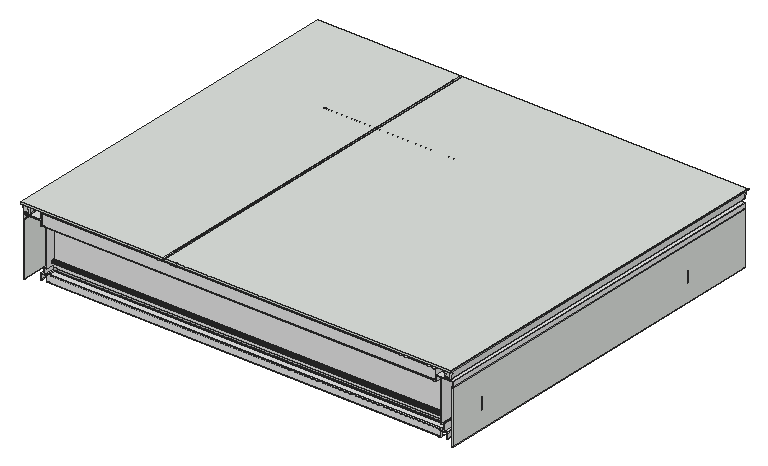
Revit family "Furniture-Mirror_Cabinet-KOHLER-K-56004K_1", category Casework, host Face, Revit 2022 (continued)
Definition of nested family "K-56004K"
  Cuts and joins
    Extrusion 2, Extrusion 17 cuts Extrusion 1
    joined: Sweep 6, Sweep 7, Extrusion 16
    joined: Sweep 23, Extrusion 24, Extrusion 25
    joined: Sweep 20, Extrusion 21, Extrusion 22
    joined: Extrusion 26, Extrusion 28
    Extrusion 2 cuts Extrusion 29
  Lines and regions (in)
    Masking region 1
      outline origin (0, 0, 0) x (1, 0, 0) y (0, 1, 0)
        loop
          line (15.01437, 12.99213) -> (-4.93563, 12.99213) -> (-4.96063, 12.96713) -> (-4.96063, 12.73622) -> (-5.03937, 12.73622) -> (-5.03937, 12.96713) -> (-5.06437, 12.99213) -> (-15.01437, 12.99213) -> (-15.03937, 12.96713) -> (-15.03937, -12.96713) -> (-15.01437, -12.99213) -> (-5.06437, -12.99213) -> (-5.03937, -12.96713) -> (-5.03937, -12.73622) -> (-4.96063, -12.73622) -> (-4.96063, -12.96713) -> (-4.93563, -12.99213) -> (15.01437, -12.99213) -> (15.03937, -12.96713) -> (15.03937, 12.96713) -> (15.01437, 12.99213)
    Masking region 2, visible <- "Surface Mount"
      outline origin (0, 0, 0) x (1, 0, 0) y (0, 0, 1)
        loop
          line (15.01969, 0.05424) -> (15.01969, 3.70915) -> (14.99674, 3.73209) -> (14.92452, 3.73209) -> (14.90157, 3.70915) -> (14.90157, 3.25965) -> (14.8376, 3.25965) -> (14.8376, 2.59045) -> (13.82894, 2.59045) -> (13.82894, 1.17271) -> (14.83838, 1.17271) -> (14.83838, 0.50096) -> (14.88344, 0.50096) -> (14.88344, 0.62093) -> (14.90157, 0.58952) -> (14.90157, 0.05424) -> (14.92452, 0.0313) -> (14.99674, 0.0313) -> (15.01969, 0.05424)
    Masking region 3, visible <- "Surface Mount"
      outline origin (0, 0, 0) x (-1, 0, 0) y (0, 0, -1)
        loop
          line (15.01969, -0.05424) -> (14.99674, -0.0313) -> (14.92452, -0.0313) -> (14.90157, -0.05424) -> (14.90157, -0.58952) -> (14.88344, -0.62093) -> (14.88344, -0.50096) -> (14.83838, -0.50096) -> (14.83838, -1.17271) -> (13.82894, -1.17271) -> (13.82894, -2.59045) -> (14.8376, -2.59045) -> (14.8376, -3.25965) -> (14.90157, -3.25965) -> (14.90157, -3.70915) -> (14.92452, -3.73209) -> (14.99674, -3.73209) -> (15.01969, -3.70915) -> (15.01969, -0.05424)
    Masking region 4
      outline origin (0, 0, 0) x (1, 0, 0) y (0, 0, 1)
        loop
          line (13.76969, 0) -> (13.76969, 0.27008) -> (14.10886, 0.27008) -> (14.13386, 0.29508) -> (14.13386, 0.36319) -> (14.10886, 0.38819) -> (13.76969, 0.38819) -> (13.80402, 0.4) -> (14.15623, 0.4)
          arc (14.15623, 0.4) -> (14.17015, 0.39423) -> (14.17592, 0.38031) r 0.01969
          line (14.17592, 0.38031) -> (14.17592, 0.02165)
          arc (14.17592, 0.02165) -> (14.19757, 0) -> (14.21922, 0.02165) r 0.02165
          line (14.21922, 0.02165) -> (14.21922, 0.42362)
          arc (14.21922, 0.42362) -> (14.21346, 0.43754) -> (14.19954, 0.44331) r 0.01969
          line (14.19954, 0.44331) -> (14.00394, 0.44331)
          arc (14.00394, 0.44331) -> (13.99002, 0.44907) -> (13.98425, 0.46299) r 0.01969
          line (13.98425, 0.46299) -> (13.98425, 0.86844)
          arc (13.98425, 0.86844) -> (13.97847, 0.88241) -> (13.96451, 0.88819) r 0.01975
          line (13.96451, 0.88819) -> (13.84055, 0.88819)
          arc (13.84055, 0.88819) -> (13.82663, 0.89395) -> (13.82087, 0.90787) r 0.01969
          line (13.82087, 0.90787) -> (13.82087, 1.33051) -> (13.82894, 1.36065) -> (13.82894, 1.49722) -> (13.82087, 1.52736) -> (13.82087, 2.23602) -> (13.82894, 2.26616) -> (13.82894, 2.40274) -> (13.82087, 2.43287) -> (13.82087, 4.05886) -> (14.94783, 4.05886)
          arc (14.94783, 4.05886) -> (14.96245, 4.0528) -> (14.9685, 4.03818) r 0.02068
          line (14.9685, 4.03818) -> (14.9685, 3.76555)
          arc (14.9685, 3.76555) -> (14.99409, 3.73996) -> (15.01969, 3.76555) r 0.02559
          line (15.01969, 3.76555) -> (15.01969, 4.09005)
          arc (15.01969, 4.09005) -> (15.01383, 4.10418) -> (14.99969, 4.11004) r 0.01999
          line (14.99969, 4.11004) -> (13.82087, 4.11004) -> (13.82087, 4.16373) -> (14.27313, 4.16373)
          arc (14.27313, 4.16373) -> (14.29888, 4.1744) -> (14.30954, 4.20015) r 0.03642
          line (14.30954, 4.20015) -> (14.30954, 4.26) -> (14.82283, 4.26) -> (14.82283, 4.29134) -> (14.87869, 4.29134)
          arc (14.87869, 4.29134) -> (14.91675, 4.30595) -> (14.93526, 4.34227) r 0.05688
          line (14.93526, 4.34227) -> (14.98287, 4.79528) -> (15.01437, 4.79528) -> (15.03937, 4.82028) -> (15.03937, 4.88839) -> (15.01437, 4.91339) -> (-4.93563, 4.91339) -> (-4.96063, 4.88839) -> (-4.96063, 4.82028) -> (-4.93563, 4.79528) -> (-4.87764, 4.79528)
          arc (-4.87764, 4.79528) -> (-4.86677, 4.76669) -> (-4.84286, 4.74763) r 0.05788
          arc (-4.84286, 4.74763) -> (-4.81717, 4.73161) -> (-4.79746, 4.70863) r 0.09988
          arc (-4.79746, 4.70863) -> (-4.7856, 4.68444) -> (-4.77882, 4.65835) r 0.13385
          arc (-4.77882, 4.65835) -> (-4.77139, 4.64501) -> (-4.75706, 4.63971) r 0.02201
          line (-4.75706, 4.63971) -> (-4.70267, 4.63971) -> (-4.70267, 4.6045) -> (-4.67896, 4.51605) -> (-4.38682, 4.51605) -> (-4.36195, 4.60855) -> (-4.36195, 4.63971) -> (13.07831, 4.63971) -> (13.09058, 4.4994) -> (-13.09367, 4.4994) -> (-13.07395, 4.63971) -> (-5.63854, 4.63971) -> (-5.63854, 4.60855) -> (-5.61367, 4.51605) -> (-5.32152, 4.51605) -> (-5.29782, 4.6045) -> (-5.29782, 4.63971) -> (-5.24343, 4.63971)
          arc (-5.24343, 4.63971) -> (-5.2291, 4.64501) -> (-5.22167, 4.65835) r 0.02201
          arc (-5.22167, 4.65835) -> (-5.21489, 4.68444) -> (-5.20302, 4.70863) r 0.13385
          arc (-5.20302, 4.70863) -> (-5.18332, 4.73161) -> (-5.15763, 4.74763) r 0.09988
          arc (-5.15763, 4.74763) -> (-5.13372, 4.76669) -> (-5.12285, 4.79528) r 0.05788
          line (-5.12285, 4.79528) -> (-5.06437, 4.79528) -> (-5.03937, 4.82028) -> (-5.03937, 4.88839) -> (-5.06437, 4.91339) -> (-15.01437, 4.91339) -> (-15.03937, 4.88839) -> (-15.03937, 4.82028) -> (-15.01437, 4.79528) -> (-14.98287, 4.79528) -> (-14.92439, 4.319)
          arc (-14.92439, 4.319) -> (-14.914, 4.29925) -> (-14.89313, 4.29134) r 0.0315
          line (-14.89313, 4.29134) -> (-14.82283, 4.29134) -> (-14.82283, 4.26) -> (-14.30954, 4.26) -> (-14.30954, 4.20015)
          arc (-14.30954, 4.20015) -> (-14.29888, 4.1744) -> (-14.27313, 4.16373) r 0.03642
          line (-14.27313, 4.16373) -> (-13.82087, 4.16373) -> (-13.82087, 4.11004) -> (-14.99969, 4.11004)
          arc (-14.99969, 4.11004) -> (-15.01383, 4.10418) -> (-15.01969, 4.09005) r 0.01999
          line (-15.01969, 4.09005) -> (-15.01969, 3.76555)
          arc (-15.01969, 3.76555) -> (-14.99409, 3.73996) -> (-14.9685, 3.76555) r 0.02559
          line (-14.9685, 3.76555) -> (-14.9685, 4.03818)
          arc (-14.9685, 4.03818) -> (-14.96245, 4.0528) -> (-14.94783, 4.05886) r 0.02068
          line (-14.94783, 4.05886) -> (-13.82087, 4.05886) -> (-13.82087, 2.43287) -> (-13.82894, 2.40274) -> (-13.82894, 2.26616) -> (-13.82087, 2.23602) -> (-13.82087, 1.52736) -> (-13.82894, 1.49722) -> (-13.82894, 1.36065) -> (-13.82087, 1.33051) -> (-13.82087, 0.90787)
          arc (-13.82087, 0.90787) -> (-13.82663, 0.89395) -> (-13.84055, 0.88819) r 0.01969
          line (-13.84055, 0.88819) -> (-13.96451, 0.88819)
          arc (-13.96451, 0.88819) -> (-13.97847, 0.88241) -> (-13.98425, 0.86844) r 0.01975
          line (-13.98425, 0.86844) -> (-13.98425, 0.46299)
          arc (-13.98425, 0.46299) -> (-13.99002, 0.44907) -> (-14.00394, 0.44331) r 0.01969
          line (-14.00394, 0.44331) -> (-14.19954, 0.44331)
          arc (-14.19954, 0.44331) -> (-14.21346, 0.43754) -> (-14.21922, 0.42362) r 0.01969
          line (-14.21922, 0.42362) -> (-14.21922, 0.02165)
          arc (-14.21922, 0.02165) -> (-14.19757, 0) -> (-14.17592, 0.02165) r 0.02165
          line (-14.17592, 0.02165) -> (-14.17592, 0.38031)
          arc (-14.17592, 0.38031) -> (-14.17015, 0.39423) -> (-14.15623, 0.4) r 0.01969
          line (-14.15623, 0.4) -> (-13.80402, 0.4) -> (-13.76969, 0.38819) -> (-14.10886, 0.38819) -> (-14.13386, 0.36319) -> (-14.13386, 0.29508) -> (-14.10886, 0.27008) -> (-13.76969, 0.27008) -> (-13.76969, 0) -> (13.76969, 0)
        loop
          arc (13.94094, 0.8252) -> (13.93518, 0.83912) -> (13.92126, 0.84488) r 0.01969
          line (13.92126, 0.84488) -> (13.78937, 0.84488)
          arc (13.78937, 0.84488) -> (13.77545, 0.85065) -> (13.76969, 0.86457) r 0.01969
          line (13.76969, 0.86457) -> (13.76969, 0.44331) -> (13.92126, 0.44331)
          arc (13.92126, 0.44331) -> (13.93518, 0.44907) -> (13.94094, 0.46299) r 0.01969
          line (13.94094, 0.46299) -> (13.94094, 0.8252)
        loop
          arc (-13.76969, 0.86457) -> (-13.77545, 0.85065) -> (-13.78937, 0.84488) r 0.01969
          line (-13.78937, 0.84488) -> (-13.92126, 0.84488)
          arc (-13.92126, 0.84488) -> (-13.93518, 0.83912) -> (-13.94094, 0.8252) r 0.01969
          line (-13.94094, 0.8252) -> (-13.94094, 0.46299)
          arc (-13.94094, 0.46299) -> (-13.93518, 0.44907) -> (-13.92126, 0.44331) r 0.01969
          line (-13.92126, 0.44331) -> (-13.76969, 0.44331) -> (-13.76969, 0.85988)
    Masking region 5
      outline origin (0, 0, 0) x (0, 1, 0) y (0, 0, 1)
        loop
          line (-12.96713, 4.91339) -> (-12.99213, 4.88839) -> (-12.99213, 4.82028) -> (-12.96713, 4.79528) -> (-12.89399, 4.79528) -> (-12.85304, 4.32728)
          arc (-12.85304, 4.32728) -> (-12.84042, 4.30168) -> (-12.81382, 4.29134) r 0.03937
          line (-12.81382, 4.29134) -> (-12.73622, 4.29134) -> (-12.73622, 3.73996) -> (-12.23622, 3.73996) -> (-12.19156, 3.73209) -> (12.19156, 3.73209) -> (12.23622, 3.73996) -> (12.73622, 3.73996) -> (12.73622, 4.29134) -> (12.81382, 4.29134)
          arc (12.81382, 4.29134) -> (12.84042, 4.30168) -> (12.85304, 4.32728) r 0.03937
          line (12.85304, 4.32728) -> (12.89399, 4.79528) -> (12.96713, 4.79528) -> (12.99213, 4.82028) -> (12.99213, 4.88839) -> (12.96713, 4.91339) -> (-12.96713, 4.91339)
        loop
          arc (-7.68881, 4.13604) -> (-7.58166, 4.15735) -> (-7.49082, 4.21805) r 0.28
          line (-7.49082, 4.21805) -> (-7.41754, 4.29134) -> (-7.87505, 4.29134) -> (-7.87505, 4.19323)
          arc (-7.87505, 4.19323) -> (-7.88316, 4.17363) -> (-7.90276, 4.16552) r 0.02771
          line (-7.90276, 4.16552) -> (-8.34023, 4.16552)
          arc (-8.34023, 4.16552) -> (-8.36599, 4.17565) -> (-8.37794, 4.20061) r 0.0378
          line (-8.37794, 4.20061) -> (-9.62499, 4.20061)
          arc (-9.62499, 4.20061) -> (-9.6395, 4.17603) -> (-9.66634, 4.16636) r 0.04209
          line (-9.66634, 4.16636) -> (-10.09327, 4.16636)
          arc (-10.09327, 4.16636) -> (-10.11899, 4.17864) -> (-10.12563, 4.20635) r 0.03309
          line (-10.12563, 4.20635) -> (-10.12563, 4.29134) -> (-10.58246, 4.29134) -> (-10.50918, 4.21805)
          arc (-10.50918, 4.21805) -> (-10.41834, 4.15735) -> (-10.31119, 4.13604) r 0.28
          line (-10.31119, 4.13604) -> (-7.68881, 4.13604)
        loop
          line (7.68881, 4.13604) -> (10.31119, 4.13604)
          arc (10.31119, 4.13604) -> (10.41834, 4.15735) -> (10.50918, 4.21805) r 0.28
          line (10.50918, 4.21805) -> (10.58246, 4.29134) -> (10.12563, 4.29134) -> (10.12563, 4.20635)
          arc (10.12563, 4.20635) -> (10.11899, 4.17864) -> (10.09327, 4.16636) r 0.03309
          line (10.09327, 4.16636) -> (9.66634, 4.16636)
          arc (9.66634, 4.16636) -> (9.6395, 4.17603) -> (9.62499, 4.20061) r 0.04209
          line (9.62499, 4.20061) -> (8.37794, 4.20061)
          arc (8.37794, 4.20061) -> (8.36599, 4.17565) -> (8.34023, 4.16552) r 0.0378
          line (8.34023, 4.16552) -> (7.90276, 4.16552)
          arc (7.90276, 4.16552) -> (7.88316, 4.17363) -> (7.87505, 4.19323) r 0.02771
          line (7.87505, 4.19323) -> (7.87505, 4.29134) -> (7.41754, 4.29134) -> (7.49082, 4.21805)
          arc (7.49082, 4.21805) -> (7.58166, 4.15735) -> (7.68881, 4.13604) r 0.28
    Masking region 6, visible <- "Surface Mount"
      outline origin (0, 0, 0) x (0, 1, 0) y (0, 0, 1)
        loop
          line (12.73622, 3.70992) -> (12.71406, 3.73209) -> (-12.71406, 3.73209) -> (-12.73622, 3.70992) -> (-12.73622, 0.05346) -> (-12.71406, 0.0313) -> (-12.23622, 0.0313) -> (-12.23622, 0) -> (12.23622, 0) -> (12.23622, 0.0313) -> (12.71406, 0.0313) -> (12.73622, 0.05346) -> (12.73622, 3.70992)
    Masking region 7, visible <- "Recess Mount"
      outline origin (0, 0, 0) x (0, 1, 0) y (0, 0, 1)
        loop
          line (12.23622, 3.73209) -> (-12.23622, 3.73209) -> (-12.23622, 0) -> (12.23622, 0) -> (12.23622, 3.73209)
    symbolic lines, detail levels medium+fine
      curve 1: line (15.01437, -12.96713, 0) -> (15.01437, 12.96713, 0)
      curve 2: line (15.01437, 12.96713, 0) -> (-4.93563, 12.96713, 0)
      curve 3: line (-4.93563, 12.96713, 0) -> (-4.93563, -12.96713, 0)
      curve 4: line (-4.93563, -12.96713, 0) -> (15.01437, -12.96713, 0)
      curve 5: line (-15.01437, -12.96713, 0) -> (-5.06437, -12.96713, 0)
      curve 6: line (-5.06437, -12.96713, 0) -> (-5.06437, 12.96713, 0)
      curve 7: line (-5.06437, 12.96713, 0) -> (-15.01437, 12.96713, 0)
      curve 8: line (-15.01437, 12.96713, 0) -> (-15.01437, -12.96713, 0)
      curve 9: line (-4.96063, 12.73622, 0) -> (-4.96063, -12.73622, 0)
      curve 10: line (-5.03937, -12.71881, 0) -> (-4.96063, -12.71881, 0)
      curve 11: line (-5.03937, -11.62709, 0) -> (-4.96063, -11.62709, 0)
      curve 12: line (-4.96063, -11.61158, 0) -> (-5.03937, -11.61158, 0)
      curve 13: line (-4.96063, -11.4966, 0) -> (-5.03937, -11.4966, 0)
      curve 14: line (-5.03937, -11.4852, 0) -> (-4.96063, -11.4852, 0)
      curve 15: line (-4.96063, -4.61778, 0) -> (-5.03937, -4.61778, 0)
      curve 16: line (-4.96063, -4.57811, 0) -> (-5.03937, -4.57811, 0)
      curve 17: line (-4.96063, 4.37954, 0) -> (-5.03937, 4.37954, 0)
      curve 18: line (-4.96063, 4.42126, 0) -> (-5.03937, 4.42126, 0)
      curve 19: line (-4.96063, 11.48597, 0) -> (-5.03937, 11.48597, 0)
      curve 20: line (-4.96063, 11.49502, 0) -> (-5.03937, 11.49502, 0)
      curve 21: line (-4.96063, 11.61026, 0) -> (-5.03937, 11.61026, 0)
      curve 22: line (-4.96063, 11.62595, 0) -> (-5.03937, 11.62595, 0)
      curve 23: line (-4.96063, 12.72032, 0) -> (-5.03937, 12.72032, 0)
      curve 24: line (-5.03937, 12.73622, 0) -> (-5.03937, -12.73622, 0)
      curve 45: line (14.21922, 0, 0.02165) -> (14.21922, 0, 0.42362)
      curve 46: line (14.19954, 0, 0.44331) -> (14.00394, 0, 0.44331)
      curve 47: line (13.98425, 0, 0.46299) -> (13.98425, 0, 0.86844)
      curve 48: line (13.92126, 0, 0.44331) -> (13.76969, 0, 0.44331)
      curve 49: line (13.76969, 0, 0.44331) -> (13.76969, 0, 0.38819)
      curve 50: line (13.76969, 0, 4.51673) -> (13.76969, 0, 0.84488)
      curve 51: line (13.76969, 0, 0.38819) -> (13.76969, 0, 0.27008)
      curve 52: line (13.82087, 0, 4.51673) -> (13.76969, 0, 4.51673)
      curve 53: line (14.82283, 0, 4.29134) -> (14.53621, 0, 4.29134)
      curve 54: line (14.30954, 0, 4.29134) -> (14.30954, 0, 4.26)
      curve 55: line (-4.93563, 0, 4.88839) -> (15.01437, 0, 4.88839)
      curve 56: line (15.01437, 0, 4.88839) -> (15.01437, 0, 4.82028)
      curve 57: line (15.01437, 0, 4.82028) -> (-4.93563, 0, 4.82028)
      curve 58: line (-4.93563, 0, 4.82028) -> (-4.93563, 0, 4.88839)
      curve 59: line (14.98287, 0, 4.79528) -> (-4.87764, 0, 4.79528)
      curve 60: line (-4.36195, 0, 4.63971) -> (13.07831, 0, 4.63971)
      curve 61: line (14.93526, 0, 4.34227) -> (14.48097, 0, 4.34227)
      curve 62: line (14.54154, 0, 4.29154) -> (14.49267, 0, 4.75648)
      curve 63: line (14.43743, 0, 4.75648) -> (14.48097, 0, 4.34227)
      curve 64: arc (14.48097, 0, 4.34227) -> (14.49898, 0, 4.30639) -> (14.53621, 0, 4.29134) r 0.0569
      curve 65: line (14.93327, 0, 4.79528) -> (14.87869, 0, 4.29134)
      curve 66: line (14.49267, 0, 4.75648) -> (-4.85724, 0, 4.75648)
      curve 67: line (-4.77882, 0, 4.65835) -> (14.44775, 0, 4.65835)
      curve 68: line (14.53621, 0, 4.29134) -> (13.82087, 0, 4.29134)
      curve 69: line (14.24941, 0, 4.29134) -> (14.24941, 0, 4.16373)
      curve 70: line (14.30954, 0, 4.20015) -> (13.82087, 0, 4.20015)
      curve 71: line (13.82087, 0, 4.36837) -> (14.47823, 0, 4.36837)
      curve 72: line (-14.98287, 0, 4.79528) -> (-5.12285, 0, 4.79528)
      curve 73: line (-5.06437, 0, 4.88839) -> (-15.01437, 0, 4.88839)
      curve 74: line (-5.06437, 0, 4.88839) -> (-5.06437, 0, 4.82028)
      curve 75: line (-5.06437, 0, 4.82028) -> (-15.01437, 0, 4.82028)
      curve 76: line (-15.01437, 0, 4.88839) -> (-15.01437, 0, 4.82028)
      curve 77: line (-4.36195, 0, 4.63971) -> (-4.70267, 0, 4.63971)
      curve 78: line (-5.29782, 0, 4.63971) -> (-5.63854, 0, 4.63971)
      curve 79: line (-5.22167, 0, 4.65835) -> (-14.48782, 0, 4.65835)
      curve 80: line (-14.48389, 0, 4.319) -> (-14.44222, 0, 4.65835)
      curve 81: arc (-14.51515, 0, 4.29134) -> (-14.49428, 0, 4.29925) -> (-14.48389, 0, 4.319) r 0.0315
      curve 82: line (-14.48389, 0, 4.319) -> (-14.92439, 0, 4.319)
      curve 83: line (-14.89313, 0, 4.29134) -> (-14.95501, 0, 4.79528)
      curve 84: line (-14.53288, 0, 4.29134) -> (-14.48782, 0, 4.65835)
      curve 85: line (-13.76969, 0, 0.44331) -> (-13.76969, 0, 0.38819)
      curve 86: line (-14.10886, 0, 0.38819) -> (-14.13386, 0, 0.36319)
      curve 87: line (-14.13386, 0, 0.36319) -> (-14.13386, 0, 0.29508)
      curve 88: line (-14.13386, 0, 0.29508) -> (-14.10886, 0, 0.27008)
      curve 89: line (-14.10886, 0, 0.27008) -> (-13.76969, 0, 0.27008)
      curve 90: line (-13.76969, 0, 0.27008) -> (-13.76969, 0, 0)
      curve 91: line (-13.76969, 0, 4.51673) -> (-13.76969, 0, 0.85988)
      curve 92: line (-13.76969, 0, 0.38819) -> (-13.76969, 0, 0.27008)
      curve 93: line (-13.82087, 0, 4.16373) -> (-13.82087, 0, 4.51673)
      curve 94: line (-13.82087, 0, 4.51673) -> (-13.76969, 0, 4.51673)
      curve 95: line (-14.30954, 0, 4.29134) -> (-14.30954, 0, 4.26)
      curve 96: line (-14.82283, 0, 4.29134) -> (-13.82087, 0, 4.29134)
      curve 97: line (-14.24941, 0, 4.29134) -> (-14.24941, 0, 4.16373)
      curve 98: line (-14.30954, 0, 4.20015) -> (-13.82087, 0, 4.20015)
      curve 99: line (-13.82087, 0, 4.36837) -> (-14.47783, 0, 4.36837)
      curve 100: line (13.82087, 0, 4.51673) -> (13.82087, 0, 4.16373)
      curve 101: line (13.09058, 0, 4.4994) -> (13.76969, 0, 4.4994)
      curve 102: line (13.76969, 0, 4.48425) -> (-13.76969, 0, 4.48425)
      curve 103: line (-13.09367, 0, 4.4994) -> (-13.76969, 0, 4.4994)
      curve 104: line (13.17471, 0, 4.4994) -> (13.1608, 0, 4.65835)
      curve 105: line (-13.17913, 0, 4.4994) -> (-13.15111, 0, 4.65835)
      curve 106: line (-13.76969, 0, 3.38848) -> (13.76969, 0, 3.38848)
      curve 107: line (-13.76969, 0, 3.44879) -> (13.76969, 0, 3.44879)
      curve 108: line (-13.76969, 0, 3.59645) -> (13.76969, 0, 3.59645)
      curve 109: line (-13.76969, 0, 3.65593) -> (13.76969, 0, 3.65593)
      curve 110: line (-13.76969, 0, 1.25497) -> (13.76969, 0, 1.25497)
      curve 111: line (-13.76969, 0, 1.19808) -> (13.76969, 0, 1.19808)
      curve 112: line (-13.76969, 0, 1.06189) -> (13.76969, 0, 1.06189)
      curve 113: line (-13.76969, 0, 1.00672) -> (13.76969, 0, 1.00672)
      curve 114: line (-13.76969, 0, 0.0313) -> (13.76969, 0, 0.0313)
      curve 115: line (-13.76969, 0, 0.67059) -> (13.76969, 0, 0.67059)
      curve 116: line (-13.76969, 0, 0.50098) -> (13.76969, 0, 0.50098)
      curve 117: line (-13.76969, 0, 0.4) -> (13.76969, 0, 0.4)
      curve 118: line (13.82087, 0, 4.11004) -> (13.82087, 0, 4.05886)
      curve 119: line (-13.82087, 0, 4.11004) -> (-13.82087, 0, 4.05886)
      curve 120: line (0, -12.89399, 4.79528) -> (0, 12.89399, 4.79528)
      curve 121: line (0, 12.96713, 4.88839) -> (0, -12.96713, 4.88839)
      curve 122: line (0, 12.96713, 4.82028) -> (0, 12.96713, 4.88839)
      curve 123: line (0, -12.96713, 4.82028) -> (0, 12.96713, 4.82028)
      curve 124: line (0, -12.96713, 4.82028) -> (0, -12.96713, 4.88839)
      curve 125: line (0, 12.83069, 4.79528) -> (0, 12.7866, 4.29134)
      curve 126: line (0, -12.83069, 4.79528) -> (0, -12.7866, 4.29134)
      curve 127: line (0, -7.87505, 4.29134) -> (0, -10.12563, 4.29134)
      curve 128: line (0, -10.0708, 4.16636) -> (0, -10.0708, 4.29134)
      curve 129: line (0, -9.6771, 4.29134) -> (0, -9.6771, 4.16636)
      curve 130: line (0, -9.62499, 4.20635) -> (0, -10.12563, 4.20635)
      curve 131: line (0, -9.62499, 4.20061) -> (0, -9.62499, 4.29134)
      curve 132: line (0, -8.31373, 4.29134) -> (0, -8.31373, 4.16552)
      curve 133: line (0, -7.93453, 4.29134) -> (0, -7.93453, 4.16552)
      curve 134: line (0, -8.37794, 4.20061) -> (0, -7.87505, 4.20061)
      curve 135: line (0, -8.31373, 4.26312) -> (0, -9.62499, 4.26312)
      curve 136: line (0, 7.87505, 4.29134) -> (0, 10.12563, 4.29134)
      curve 137: line (0, 10.0708, 4.16636) -> (0, 10.0708, 4.29134)
      curve 138: line (0, 9.6771, 4.29134) -> (0, 9.6771, 4.16636)
      curve 139: line (0, 9.62499, 4.20635) -> (0, 10.12563, 4.20635)
      curve 140: line (0, 9.62499, 4.20061) -> (0, 9.62499, 4.29134)
      curve 141: line (0, 8.31373, 4.29134) -> (0, 8.31373, 4.16552)
      curve 142: line (0, 7.93453, 4.29134) -> (0, 7.93453, 4.16552)
      curve 143: line (0, 8.37794, 4.20061) -> (0, 7.87505, 4.20061)
      curve 144: line (0, 8.31373, 4.26312) -> (0, 9.62499, 4.26312)
      curve 145: line (0, 10.58246, 4.29134) -> (0, 12.73622, 4.29134)
      curve 146: line (0, 12.85304, 4.32728) -> (0, -12.85304, 4.32728)
      curve 147: line (0, -12.73622, 4.29134) -> (0, -10.58246, 4.29134)
      curve 148: line (0, -7.41754, 4.29134) -> (0, 7.41754, 4.29134)
      curve 149: line (0, 12.73622, 4.01565) -> (0, -12.73622, 4.01565)
      curve 161: line (-13.82087, 0, 1.52736) -> (-13.82087, 0, 1.33051)
      curve 162: line (-13.82087, 0, 2.43287) -> (-13.82087, 0, 2.23602)
      curve 163: line (-14.13386, 0, 0.29508) -> (-13.76969, 0, 0.29508)
      curve 164: line (-14.13386, 0, 0.36319) -> (-13.76969, 0, 0.36319)
      curve 165: line (13.82087, 0, 2.43287) -> (13.82087, 0, 2.23602)
      curve 166: line (13.82087, 0, 1.33051) -> (13.82087, 0, 1.52736)
      curve 167: line (14.13386, 0, 0.29508) -> (13.76969, 0, 0.29508)
      curve 168: line (14.13386, 0, 0.36319) -> (13.76969, 0, 0.36319)
      curve 169: line (0, 8.37794, 4.20061) -> (0, 8.37794, 4.29134)
      curve 170: line (0, -8.37794, 4.20061) -> (0, -8.37794, 4.29134)
    symbolic lines, visible <- "Surface Mount", detail levels medium+fine
      curve 25: line (14.99674, 0, 3.73209) -> (14.92452, 0, 3.73209)
      curve 26: line (14.90157, 0, 3.25965) -> (14.90157, 0, 0.58952)
      curve 27: line (15.00469, 0, 0.0463) -> (14.91657, 0, 0.0463)
      curve 28: line (14.91657, 0, 0.0463) -> (14.91657, 0, 3.71709)
      curve 29: line (14.91657, 0, 3.71709) -> (15.00469, 0, 3.71709)
      curve 30: line (15.00469, 0, 3.71709) -> (15.00469, 0, 0.0463)
      curve 31: line (14.88344, 0, 0.62093) -> (14.88189, 0, 3.25965)
      curve 32: line (14.84955, 0, 0.50096) -> (14.84955, 0, 3.25965)
      curve 33: line (14.8376, 0, 2.59045) -> (14.83838, 0, 1.17271)
      curve 34: line (13.85572, 0, 2.59045) -> (13.85572, 0, 1.17271)
      curve 35: line (-14.99674, 0, 3.73209) -> (-14.92452, 0, 3.73209)
      curve 36: line (-14.90157, 0, 3.25965) -> (-14.90157, 0, 0.58952)
      curve 37: line (-15.00469, 0, 0.0463) -> (-14.91657, 0, 0.0463)
      curve 38: line (-14.91657, 0, 0.0463) -> (-14.91657, 0, 3.71709)
      curve 39: line (-14.91657, 0, 3.71709) -> (-15.00469, 0, 3.71709)
      curve 40: line (-15.00469, 0, 3.71709) -> (-15.00469, 0, 0.0463)
      curve 41: line (-14.88344, 0, 0.62093) -> (-14.88189, 0, 3.25965)
      curve 42: line (-14.84955, 0, 0.50096) -> (-14.84955, 0, 3.25965)
      curve 43: line (-14.8376, 0, 2.59045) -> (-14.83838, 0, 1.17271)
      curve 44: line (-13.85572, 0, 2.59045) -> (-13.85572, 0, 1.17271)
      curve 150: line (0, 12.72122, 0.0463) -> (0, 12.72122, 3.71709)
      curve 151: line (0, 12.72122, 3.71709) -> (0, -12.72122, 3.71709)
      curve 152: line (0, -12.72122, 3.71709) -> (0, -12.72122, 0.0463)
      curve 153: line (0, -12.72122, 0.0463) -> (0, 12.72122, 0.0463)
      curve 154: line (0, -12.23622, 0.0313) -> (0, 12.23622, 0.0313)
    symbolic lines, visible <- "Recess Mount", detail levels medium+fine
      curve 155: line (0, 12.23622, 2.43287) -> (0, -12.23622, 2.43287)
      curve 156: line (0, 12.23622, 2.23602) -> (0, -12.23622, 2.23602)
      curve 157: line (0, 12.23622, 1.52736) -> (0, -12.23622, 1.52736)
      curve 158: line (0, 12.23622, 1.33051) -> (0, -12.23622, 1.33051)
      curve 159: line (0, 12.23622, 0.82988) -> (0, -12.23622, 0.82988)
      curve 160: line (0, 12.23622, 0.0313) -> (0, -12.23622, 0.0313)
  Dimensions and locks (in)
    aligned and locked: plane 2 to level
